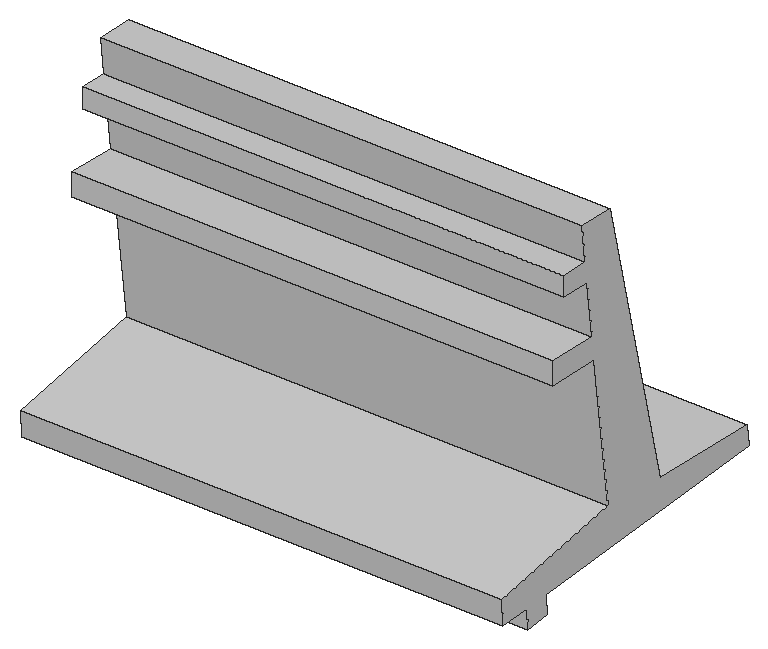
Revit family "4c8d1fee5e5a4fcabfc0e5e058866b25", category Structural Foundations, Revit 2021
Family settings
  Material for Model Behavior = Other
  Cap = No
  OmniClass Number = 23.10.20.14
  OmniClass Title = Retaining Walls
  Seek Item ID = RetainingWall_Par_Family_Shelf2_Key-0000-USA-ENU
  Work Plane-Based = No
  Always vertical = Yes
  Cut with Voids When Loaded = No
  Shared = No
Parameters (values of type "Standard")
  hdiff = h3 - h4  # 0' - 2.10745"
  h7 = h4 - h6  # 9' - 3.38818"
  h6 = Gw1 * tan(Alpha - Beta)  # -0' - 0.41905"
  h4 = (H - Gf3 * cos(Alpha) + Bw * sin(Alpha)) / cos(Beta)  # 9' - 2.96913"
  h3 = (H - Gf3 * cos(Alpha) + (Bw + Gw2) * sin(Alpha)) / cos(Beta)  # 9' - 5.07658"
  h2 = (Bw + Gw2) * sin(Alpha)  # 0' - 6.18806"
  h1 = Gf4 * cos(Alpha)  # 1' - 3.93912"
  TmpBs2 = Gf4 * sin(Alpha) + (Bw + Gw2) * cos(Alpha) + (H - Hs2 - Gs2 - h1 + h2) * sin(Beta) + Bs2  # 8' - 3.97934"
  TmpBs1 = Gf4 * sin(Alpha) + (Bw + Gw2) * cos(Alpha) + (H - Hs1 - Gs1 - h1 + h2) * sin(Beta) + Bs1  # 7' - 10.63542"
  Tmp2 = (Bw + Gf3 * tan(Alpha - Gamma)) * cos(Alpha - Gamma)  # 3' - 8.82571"
  Tmp1 = (Bw + Gw2 + Gf4 * tan(Alpha - Beta)) * cos(Alpha - Beta)  # 5' - 10.39836"
  Structural Material [instance] = Concrete, Cast-in-Place gray
  Length = 16' - 5"
  Hs2 = 3' - 7"
  Hs1 = 1' - 2"
  Hk = 0' - 8"
  H = 9' - 10"
  Gw2 = 2' - 0"
  Gw1 = 1' - 0"
  Gs2 = 0' - 9"
  Gs1 = 0' - 8"
  Gk = 0' - 10"
  Gf4 = 1' - 4"
  Gf3 = 1' - 0"
  Gf2 = 0' - 10"
  Gf1 = 0' - 8"
  Gamma2 = atan((Gw2 * cos(Alpha - Beta) - Gw1 * cos(Alpha - Beta)) / h7)  # 6.14512°
  Gamma = Gamma2 + Beta  # 13.1451°
  Bw = 3' - 11"
  Bs2 = 1' - 9"
  Bs1 = 1' - 0"
  Bk = 1' - 0"
  Beta = 7.00°
  B = 10' - 6"
  Assembly Code = ""
  Alpha = 5.00°
Reference planes (in)
  plane 1 "Center (Front/Back)": y = 0
  plane 2: z = 0
  plane 3 "Center (Left/Right)": x = 0
  plane 4: z = 118
  plane 5: x = 197
  plane 6: z = 104
  plane 7: z = 96
  plane 8: y = -94.63542
  plane 9: z = 75
  plane 10: z = 66
  plane 11: y = -99.97934
Forms (in)
  Sweep 1, solid, material "Concrete, Cast-in-Place gray" <- "Structural Material"
    path origin (0, 0, 0) x (1, 0, 0) y (0, 1, 0)
      loop
        line (0, 0) -> (197, 0)
    profile "Shelf2_Key-Profile : Shelf2_Key-Profile" origin (98.5, 0, 0) x (0, 1, 0) y (0, 0, 1)
      loop
        line (-70.83099, 118) -> (-85.41561, 118) -> (-83.69663, 104) -> (-94.63542, 104) -> (-94.63542, 96) -> (-82.71435, 96) -> (-80.13588, 75) -> (-99.97934, 75) -> (-99.97934, 66) -> (-79.03082, 66) -> (-72.12432, 9.75106) -> (-126.39209, -1.01968) -> (-125.52053, -10.98162) -> (-113.5662, -9.93575) -> (-112.86895, -17.90531) -> (-102.907, -17.03375) -> (-103.60425, -9.0642) -> (0, 0) -> (-0.69725, 7.96956) -> (-45.16393, 8.09451) -> (-70.83099, 118)
Dimensions and locks (in)
  "H": plane 4 to plane 2
  "Length": plane 3 "Center (Left/Right)" to plane 5
  "Hs1": plane 4 to plane 6
  "Gs1": plane 6 to plane 7
  "TmpBs1": plane 8 to plane 1 "Center (Front/Back)"
  "Hs2": plane 4 to plane 9
  "Gs2": plane 9 to plane 10
  "TmpBs2": plane 1 "Center (Front/Back)" to plane 11
  aligned and locked: plane 1 "Center (Front/Back)" to Sweep 1 sketch curve
  aligned and locked: plane 3 "Center (Left/Right)" to Sweep 1 sketch curve
  aligned and locked: plane 5 to Sweep 1 sketch curve
